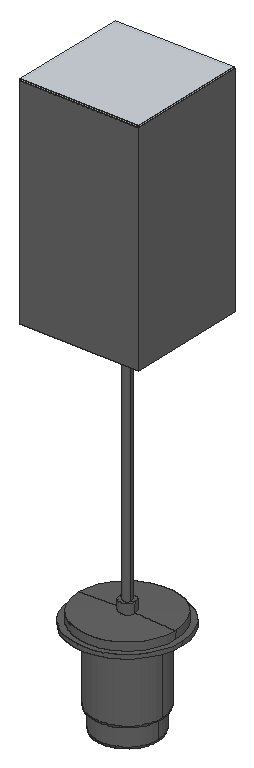
Revit family "LTC-6SQD-P", category Lighting Fixtures, host Face, Revit 2014
Parameters (values of type "LTC-6SQD-P")
  Wattage Comments = "8-52W"
  Wattage = 100 W
  Warranty = "• 5 year warranty\r\n• See HLI Standard Warranty for\r\nadditional information"  # constant formula
  built-in parameter 1150110 = 1 (stored number, unit not read)
  Voltage = 120 V
  built-in parameter 1114217 = 1 (stored number, unit not read)
  Tilt Angle = -90.00°  # constant formula
  built-in parameter 1150109 = 1 (stored number, unit not read)
  built-in parameter 1150134 = 3
  built-in parameter 1150113 = 1 (stored number, unit not read)
  Photometric Web File = "LTC-6SQDPH-P-20L35K8MD-PM-S-BL.ies"
  Features = "•\t6inch architectural LED square downlight and wall wash cylinder delivering 600 - 4000 lm\r\n•\t4 beam distributions from 0.6 to 1.2 Spacing Criteria\r\n•\tQuiet reflector appearance with 50º optical cutoff\r\n•\t2700K - 5000K, 80+ and 90+ CRI options\r\n•\tAvailable in Surface, Wall, Pendant, or Cord Mount configurations\r\n•\tPowerHUBB™ enables low-voltage wired connectivity for Power over Ethernet (PoE) network system deployment\r\n•\t2 SDCM color consistency\r\n•\tLong life L90 at 55,000 hrs (TM-21)\r\n•\tFive year warranty\r\n\r\n"  # constant formula
  Emit from Rectangle Width = 7.500"  # constant formula
  Emit from Rectangle Length = 7.500"  # constant formula
  Cord Height = 17.500"  # constant formula
  built-in parameter 1150105 = -5684000 (stored number, unit not read)
  Lumens = 2000 lm
  built-in parameter 1150115 = 1 (stored number, unit not read)
  built-in parameter 1150137 = (empty or 0)
  built-in parameter 1150139 = (empty or 0)
  built-in parameter 1150112 = 1 (stored number, unit not read)
  built-in parameter 1150114 = 1 (stored number, unit not read)
  built-in parameter 1150132 = 2
  built-in parameter 1150102 = (empty or 0)
  built-in parameter 1150107 = 3200 (stored number, unit not read)
  built-in parameter 1150138 = (empty or 0)
  built-in parameter 1150106 = -56840 (stored number, unit not read)
  Emit Shape Visible in Rendering = no
  built-in parameter 1150104 = 1.8581 (stored number, unit not read)
  Dimming Lamp Color Temperature Shift = <None>
  Copyright = "© 2019 Prescolite, a division of Hubbell Lighting, Inc"  # constant formula
  Contact us = "https://www.hubbell.com/prescolite/en/contactUs"
  Color Filter = 16777215
  Certifications = "• cCSAus certified to UL 1598\r\n• Wall Mount: Suitable for wet locations\r\n• Surface & Pendant Mount: Suitable for wet\r\nlocations under covered ceiling\r\n• Cord Mount and all Wall Wash: Suitable for\r\ndamp locations"  # constant formula
  built-in parameter 1114218 = 1 (stored number, unit not read)
  Ballast = Paint - Hubbell - Carbon Black
  URL = "http://www.prescolite.com/"
  Product Page URL = "https://www.hubbell.com/prescolite/en/Products/Lighting-Controls/Commercial-Indoor-Lighting/Cylinder/LITEISTRY-6-Square-Cylinder-Downlight-wPowerHUBB/p/3775909"
  Product Documentation Link = "https://hubbellcdn.com/specsheet/LTC-6SQDPH%20PowerHUBB.pdf"
  Model = "LTC-6SQD"  # constant formula
  Manufacturer = "Prescolite"  # constant formula
  Lamp = "LED Lamp"
  Reflector = Glass - Hubbell - Glass
  Description = "LITEISTRY™ 6inch Square Cylinder"  # constant formula
  Default Elevation = 48.000"
  built-in parameter 1150133 = 10 (stored number, unit not read)
  Apparent Load = 52 VA  # constant formula
Reference planes (in)
  plane 1 "Center (Front/Back)": y = 0
  plane 2: z = 0
  plane 3 "Center (Left/Right)": x = 0
  plane 4: z = 17.5
  plane 5: z = 17.25
  plane 6: x = -1
  plane 7: y = 1
  plane 8: x = 1
  plane 9: y = -1
  plane 10: z = 0.25
  plane 11: x = 3
  plane 12: x = -3
  plane 13: x = -2.75391
  plane 14: x = 2.75391
Forms (in)
  Revolve 1, solid, material "Paint - Hubbell - Carbon Black" <- "Ballast"
    sketch origin (0, 0, -5.91673) x (1, 0, 0) y (0, 0, 1)
      loop
        line (0, 23.41673) -> (-0.38833, 23.41673) -> (-1.06332, 23.41673)
        arc (-1.06332, 23.41673) -> (-1.08372, 23.23867) -> (-1.06332, 23.0606) r 0.78757
        arc (-1.06332, 23.0606) -> (-0.75401, 23.02515) -> (-0.44277, 23.0172) r 3.51531
        arc (-0.44277, 23.0172) -> (-0.34697, 23.00218) -> (-0.25, 23.00372) r 0.56641
        line (-0.25, 23.00372) -> (-0.25, 7.36595) -> (-0.5, 7.36595) -> (-0.5, 6.75811)
        arc (-0.5, 6.75811) -> (-1.81014, 6.76484) -> (-3.11662, 6.66673) r 16.36305
        line (-3.11662, 6.66673) -> (-3.11662, 6.16673) -> (0, 6.16673) -> (0, 23.41673)
      axis (0, 23.41673) -> (0, 6.16673)
    angle from 0 to 360
  Extrusion 2, solid, material "Paint - Hubbell - Carbon Black" <- "Ballast"
    sketch origin (0, 0, 0) x (1, 0, 0) y (0, 1, 0)
      loop
        circle (0, 0) r 3.5
    from 0 to 0.25
  Revolve 3, solid, material "Paint - Hubbell - Carbon Black" <- "Ballast"
    sketch origin (0, 0, 0) x (1, 0, 0) y (0, 0, 1)
      loop
        line (0, -6) -> (0, 0.00055) -> (-2.5, 0.00055) -> (-2.5, -0.43712)
        arc (-2.5, -0.43712) -> (-2.48175, -0.48119) -> (-2.43767, -0.49945) r 0.06233
        line (-2.43767, -0.49945) -> (-2.30081, -0.49945)
        arc (-2.30081, -0.49945) -> (-2.26488, -0.51433) -> (-2.25, -0.55026) r 0.05081
        line (-2.25, -0.55026) -> (-2.25, -4.55877)
        arc (-2.25, -4.55877) -> (-2.2306, -4.6056) -> (-2.18377, -4.625) r 0.06623
        line (-2.18377, -4.625) -> (-2.03463, -4.625)
        arc (-2.03463, -4.625) -> (-2.01014, -4.63514) -> (-2, -4.65963) r 0.03463
        line (-2, -4.65963) -> (-2, -5.88059)
        arc (-2, -5.88059) -> (-1.96503, -5.96503) -> (-1.88059, -6) r 0.11941
        line (-1.88059, -6) -> (0, -6)
      axis (0, 0.00055) -> (0, -6)
    angle from 0 to 360
Cuts and joins
  joined: Revolve 1, Extrusion 2
Dimensions and locks (in)
  "Cord Height": plane 4 to host face
  locked: plane 4 to plane 5 at 0.25
  plane 6 to plane 3 "Center (Left/Right)" to plane 8 = 1.000" locked, 1.000" locked
  plane 7 to plane 1 "Center (Front/Back)" to plane 9 = 1.000" locked, 1.000" locked
  locked: plane 10 to level at 0.25
  host face to Revolve 3 sketch curve = 6.000"
  nested 1 to plane 4 = 14.000"
  aligned and locked: plane 2 to host face
  aligned and locked: Revolve 1 sketch curve to plane 4
  aligned and locked: plane 3 "Center (Left/Right)" to nested 1
  aligned and locked: nested 1 to plane 1 "Center (Front/Back)"
  aligned and locked: Extrusion 2 to level
  aligned and locked: plane 10 to Extrusion 2
  aligned and locked: plane 3 "Center (Left/Right)" to imposter light
  aligned and locked: imposter light to nested 1
Automatic sketch dimensions
  host sketch curve to host sketch curve = 96.000"  (x2)
  Revolve 3 sketch curve to plane 3 "Center (Left/Right)" = 0.000"  (x2)
  plane 13 to Revolve 3 sketch curve = 0.87332"
  Revolve 3 sketch curve to Revolve 3 sketch curve = 0.11941"
  Revolve 3 sketch curve to Revolve 3 sketch curve = 0.03463"
  Revolve 3 sketch curve to Revolve 3 sketch curve = 0.14914"
  Revolve 3 sketch curve to Revolve 3 sketch curve = 0.06623"
  Revolve 3 sketch curve to Revolve 3 sketch curve = 0.05081"
  Revolve 3 sketch curve to Revolve 3 sketch curve = 0.13687"
  level to Revolve 3 sketch curve = 0.00055"
  plane 13 to Revolve 3 sketch curve = 0.25391"
  Revolve 3 sketch curve to Revolve 3 sketch curve = 1.22096"
  Revolve 3 sketch curve to level = 0.55026"
  Revolve 3 sketch curve to Revolve 3 sketch curve = 17.63999"
  plane 4 to Revolve 3 sketch curve = 31.07883"
  plane 1 "Center (Front/Back)" to Extrusion 2 sketch curve = 0.000"
  Extrusion 2 sketch curve to plane 3 "Center (Left/Right)" = 0.000"
  Revolve 1 sketch curve to plane 10 = 0.000"
  Revolve 1 sketch curve to plane 3 "Center (Left/Right)" = 0.000"  (x2)
  Revolve 1 sketch curve to plane 3 "Center (Left/Right)" = 0.250"
  Revolve 1 sketch curve to Revolve 1 sketch curve = 0.04614"
  plane 4 to Revolve 1 sketch curve = 0.15048"
  Revolve 1 sketch curve to plane 3 "Center (Left/Right)" = 0.30745"
  Revolve 1 sketch curve to Revolve 1 sketch curve = 0.08088"
  Revolve 1 sketch curve to Revolve 1 sketch curve = 0.250"
  plane 6 to Revolve 1 sketch curve = 0.49121"
  Revolve 1 sketch curve to plane 6 = 0.06332"
  Revolve 1 sketch curve to plane 6 = 0.23908"
  Revolve 1 sketch curve to plane 6 = 2.11662"
  Revolve 1 sketch curve to level = 15.50498"
  Revolve 1 sketch curve to Revolve 1 sketch curve = 0.500"
  plane 10 to Revolve 1 sketch curve = 1.19922"
  Revolve 1 sketch curve to plane 5 = 0.16301"
  plane 5 to Revolve 1 sketch curve = 0.07193"
  Revolve 1 sketch curve to Revolve 1 sketch curve = 2.96468"
  Revolve 1 sketch curve to plane 5 = 0.14953"
  Revolve 1 sketch curve to Revolve 1 sketch curve = 1.7477"
  Revolve 1 sketch curve to Revolve 1 sketch curve = 4.62756"
  radius of Extrusion 2 sketch curve = 3.500"
Nested families (in)
  nested 1: "LTC" at (0, 0, 17.5) x (0, 1, 0) z (0, 0, 1), Ballast <- "Ballast", Reflector <- "Reflector", type "6"
    with Reflector Glass - Hubbell - Glass, Ballast Paint - Hubbell - Carbon Black
Connectors (in)
  electrical at (0, 0, 0), driven by "Description", driven by "Voltage", driven by "Apparent Load"
    settings: index 1, voltage 120 V, apparent load 52 VA, apparent load phase1 0 VA, apparent load phase2 0 VA, apparent load phase3 0 VA, power factor 1, load classification "Other", number of poles 1, system type 30, power factor state 1, is connector primary yes, connector utility no, sub classification motor no, connector description "LITEISTRY™ 6inch Square Cylinder"
Definition of nested family "LTC"
  Parameters (values of type "6")
    Width = 7.58984"
    Wattage Comments = ""
    Lamp = ""
    Height = 14.000"
    Ballast [instance] = Finish - Hubbell - Aluminium
    URL = ""
    Product Page URL = ""
    Product Documentation Link = ""
    Model = ""
    Manufacturer Phone = ""
    Manufacturer Fax = ""
    Manufacturer = "Prescolite"
    Reflector [instance] = Glass - Hubbell - Glass
    Description = ""
    Default Elevation = 48.000"
  Reference planes (in)
    plane 1 "Center (Front/Back)": y = 0
    plane 2: z = 0
    plane 3 "Center (Left/Right)": x = 0
    plane 4: y = 3.79492
    plane 5: y = -3.79492
    plane 6: z = 14
    plane 7: z = 0.125
    plane 8: x = 3.79492
    plane 9: z = 13.875
    plane 10: x = -3.79492
  Forms (in)
    Extrusion 1, solid
      sketch origin (0, 0, 0) x (1, 0, 0) y (0, 1, 0)
        loop
          line (-48, 48) -> (-48, -48) -> (48, -48) -> (48, 48) -> (-48, 48)
      from 0 to -6
    Extrusion 2, solid, material "Glass - Hubbell - Glass" <- "Reflector"
      sketch origin (0, 0, 30.25) x (1, 0, 0) y (0, 1, 0)
        loop
          line (-3.79492, 3.79492) -> (-3.79492, -3.79492) -> (3.79492, -3.79492) -> (3.79492, 3.79492) -> (-3.79492, 3.79492)
      from -16.25 to -16.375
    Extrusion 3, solid, material "Finish - Hubbell - Aluminium" <- "Ballast"
      sketch origin (0, 0, 0) x (1, 0, 0) y (0, 1, 0)
        loop
          line (-3.79492, 3.79492) -> (-3.79492, -3.79492) -> (3.79492, -3.79492) -> (3.79492, 3.79492) -> (-3.79492, 3.79492)
      from 0 to 13.875
  Dimensions and locks (in)
    equal spacing: plane 4, plane 1 "Center (Front/Back)", plane 5
    "Width": plane 5 to plane 4
    equal spacing: plane 10, plane 3 "Center (Left/Right)", plane 8
    "Width": plane 10 to plane 8
    "Height": plane 6 to Extrusion 1
    locked: plane 6 to plane 9 at 0.125
    aligned and locked: plane 2 to Extrusion 1
    aligned and locked: Extrusion 2 to plane 9
    aligned and locked: plane 9 to Extrusion 3
    aligned and locked: plane 6 to Extrusion 2
  Automatic sketch dimensions
    Extrusion 1 sketch curve to Extrusion 1 sketch curve = 96.000"  (x2)
    Extrusion 3 sketch curve to plane 5 = 0.000"
    Extrusion 3 sketch curve to plane 10 = 0.000"
    Extrusion 3 sketch curve to plane 8 = 0.000"
    plane 4 to Extrusion 3 sketch curve = 0.000"
    Extrusion 2 sketch curve to plane 5 = 0.000"
    Extrusion 2 sketch curve to plane 10 = 0.000"
    Extrusion 2 sketch curve to plane 8 = 0.000"
    plane 4 to Extrusion 2 sketch curve = 0.000"
